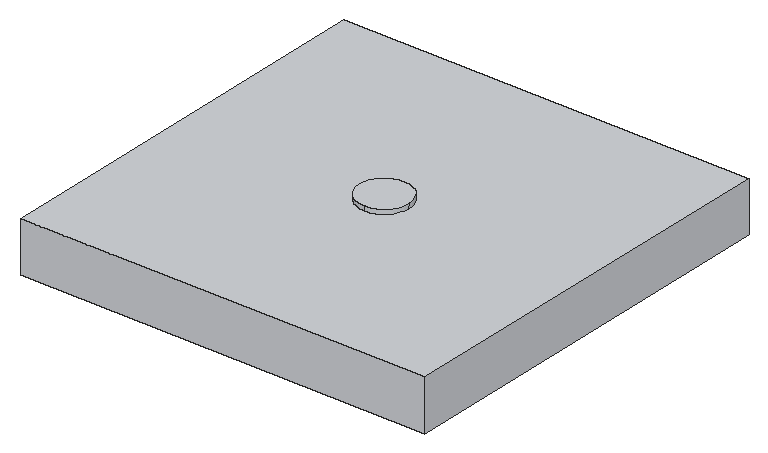
Revit family "M_Conector do duto redondo - Ar de exaustão - Equipamento mecânico", category Equipamento mecânico, Revit 2019
Family settings
  Hospedeiro = Face
  Cota do conector redondo = Usar raio
  Tipo de parte = Normal
  Número OmniClass = 23.75.70.21.27
  Título OmniClass = Air Outlets and Inlets
  ID de item do Seek = Round Duct Connector - Exhuast Air - Mechanical Equipment-0000-CAN-ENU
  Corte com vazios quando carregada = Não
  Compartilhado = Não
  Ponto de cálculo do ambiente = Não
Parameters (values of type "Padrão")
  Espessura [instance] = 25 mm
  Raio [instance] = 150 mm
  Fluxo [instance] = 47.19 L/s
  Diâmetro [instance] = Raio * 2  # 300 mm
  Default Elevation = 0 mm
  Assembly Code = ""
Reference planes
  plane 1 "Centro (Frente/Trás)": y = 0
  plane 2: z = 0
  plane 3 "Centro (Esquerda/Direita)": x = 0
Forms (mm)
  Extrusion 1, solid
    sketch origin (0, 0, 0) x (1, 0, 0) y (0, 1, 0)
      loop
        line (-1219.2, 1219.2) -> (-1219.2, -1219.2) -> (1219.2, -1219.2) -> (1219.2, 1219.2) -> (-1219.2, 1219.2)
    from 0 to -304.8
  Sweep 2, solid
    path in 3D
      loop
        line (0, 0, 0) -> (0, 0, 25)
    profile "M_Duto - Redondo : Duto - Redondo" origin (0, 0, 12.5) x (0, -1, 0) y (1, 0, 0)
      loop
        arc (-150, 0) -> (-106.066, -106.066) -> (0, -150) r 150
        arc (0, -150) -> (106.066, -106.066) -> (150, 0) r 150
        arc (150, 0) -> (106.066, 106.066) -> (0, 150) r 150
        arc (0, 150) -> (-106.066, 106.066) -> (-150, 0) r 150
Lines and regions (mm)
  reference lines
    curve 1: line (0, 0, 0) -> (0, 0, 25)
  sketch lines
    curve 2: line (0, 0, 0) -> (0, 0, 25)
Dimensions and locks
  "Espessura": curve 1 to curve 1
  aligned and locked: plane 2 to Extrusion 1
  aligned and locked: level to Extrusion 1
  aligned and locked: Extrusion 1 to curve 1
  aligned and locked: curve 1 to plane 1 "Centro (Frente/Trás)"
Automatic sketch dimensions
  Extrusion 1 sketch curve to Extrusion 1 sketch curve = 2438.4 mm  (x2)
Connectors
  hvac at (0, 0, 25), driven by "Raio", driven by "Fluxo"
    settings: on Sweep 2, index 1, duct flow 47.19 L/s, flow factor 0, pres drop 0.0 Pa, loss coef 0, conn angle 0.00°, conn width 304.8 mm, conn height 304.8 mm, conn diameter 300 mm, duct sys type 3, conn prof type 0, flow config 1, flow direction 2, loss method 0, conn ref index -1, conn util no, is conn primary yes, conn desc ""
